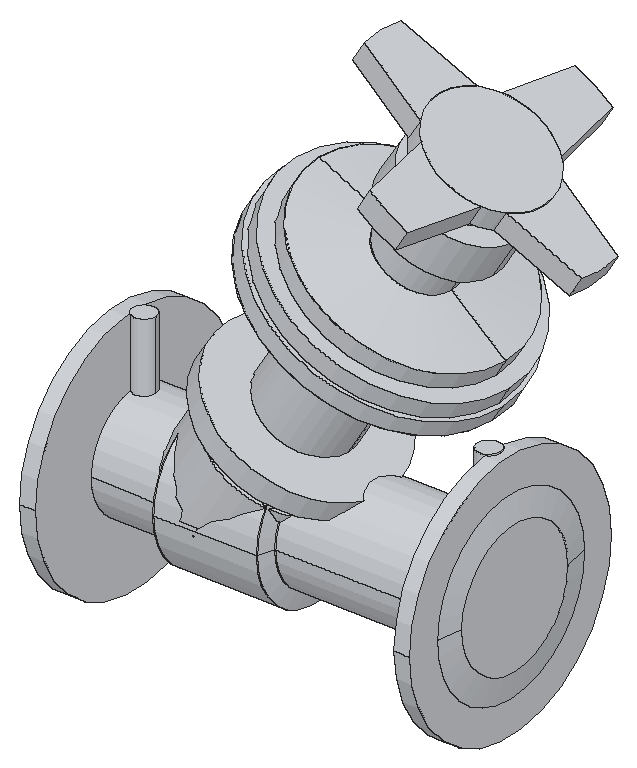
Revit family "224_DN100_20-70_RFA_2019", category Pipe Accessories, Revit 2019
Family settings
  Round Connector Dimension = Use Diameter
  Part Type = Valve - Breaks Into
  Work Plane-Based = No
  Always vertical = Yes
  Cut with Voids When Loaded = No
  Shared = No
Parameters (values of type "224_DN100_(20-70)")
  magiProductId = "5e4de33176c64976a9c157b39996ce"
  magiProductFamilyId = "cb96b53648234cefb8c956722b95ac"
  magiPartTypeId = 304
  isMeasuringValve [instance] = no
  ang2D [instance] = 0.00°
  Z8 = 24.389 mm
  Z7 = 8.13 mm
  Z6 = 101.622 mm
  Z4 = 40.649 mm
  Z3 = 16.26 mm
  Z2 = 20.324 mm
  Z1 = 60.973 mm
  Y9 = 112.022 mm
  Y8 = 43.927 mm
  X9 = 19.752 mm
  X8 = 30.758 mm
  X5 = 152.2 mm
  X4 = 91 mm
  X1 = 14 mm
  W2D = 100 mm
  VersionID = "2.0/2018.4.11.4/ZETKAMA_224_001"
  Use Minimum Symbol Size [instance] = yes
  URL = "www.hydronic.cz"
  Type Comments = "přírubový ventil, PN16; -10~+120°C; dpmin=1,5xdpnast;"
  R8 = 53.625 mm
  R7 = 35.75 mm
  R6 = 96.688 mm
  R5 = 110 mm
  R4 = 113.75 mm
  R3 = 52 mm
  R2 = 80.5 mm
  R12 = 42.75 mm
  R10 = 58 mm
  QmdConnectorList = "301;D;302;D"
  Productdata [instance] = ""
  Manufacturer = "Hydronic Systems Prague s.r.o."
  Maintenance Zone Under Depth [instance] = 405 mm
  Maintenance Zone Right Depth [instance] = 350 mm
  Maintenance Zone Over Depth [instance] = 405 mm
  Maintenance Zone Left Depth [instance] = 350 mm
  Maintenance Zone Front Depth [instance] = 273 mm
  Maintenance Zone Back Depth [instance] = 273 mm
  Maintenance Zone Front Visibility [instance] = no
  MC Product Code = "224 100 3 (DN100; dpnast 20-70kPa; dpmax=250kPa; kvs=110,0kPa)"
  MC Piping Given Pressure Drop [instance] = 0.0 Pa
  LT2 = 175 mm
  L3 = 62.8 mm
  L2D_Min = 3048 mm
  L2D = 350 mm
  H5 = 60 mm
  FDT2 = 110 mm
  Description = "Regulátor diferenčního tlaku přírubový"
  DT21 = 50 mm
  DT2 = 50 mm
  D6 = 81.25 mm
  D5 = 65 mm
  D = 100 mm
  Clearance Zone Height Depth [instance] = 405 mm
  Clearance Zone Circular Radius [instance] = 350 mm
  Clearance Zone Visibility [instance] = no
  CAT0 = yes
  ARC2 = 1.728 mm
  ARC1 = 9.698 mm
  ANG = 32.00°
  A2 = 32.458 mm
  A1 = 51.943 mm
Types (10, lengths in mm): name | magiProductId | Z8 | Z7 | Z6 | Z4 | Z3 | Z2 | Z1 | X5 | X4 | X1 | R5 | R3 | R2 | R10 | Maintenance Zone Under Depth | Maintenance Zone Right Depth | Maintenance Zone Over Depth | Maintenance Zone Left Depth | MC Product Code | LT2 | L3 | H5 | FDT2 | DT21 | DT2 | D6 | D5 | D | Clearance Zone Height Depth | Clearance Zone Circular Radius | A2 | A1
  224_DN100_(40-160) | "71f9e553003c40d991c5e352e67284" | 24.389 | 8.13 | 101.622 | 40.649 | 16.26 | 20.324 | 60.973 | 152.2 | 91 | 14 | 110 | 52 | 80.5 | 58 | 405 | 350 | 405 | 350 | "224 100 7 (DN100; dpnast 40-160kPa; dpmax=250kPa; kvs=110,0kPa)" | 175 | 62.8 | 60 | 110 | 50 | 50 | 81.25 | 65 | 100 | 405 | 350 | 32.458 | 51.943
  224_DN100_(20-70) | "5e4de33176c64976a9c157b39996ce" | 24.389 | 8.13 | 101.622 | 40.649 | 16.26 | 20.324 | 60.973 | 152.2 | 91 | 14 | 110 | 52 | 80.5 | 58 | 405 | 350 | 405 | 350 | "224 100 3 (DN100; dpnast 20-70kPa; dpmax=250kPa; kvs=110,0kPa)" | 175 | 62.8 | 60 | 110 | 50 | 50 | 81.25 | 65 | 100 | 405 | 350 | 32.458 | 51.943
  224_DN125_(40-160) | "9beb69b667494b6ab1f54942078ae6" | 25.804 | 8.601 | 107.518 | 43.007 | 17.203 | 21.504 | 64.511 | 166.25 | 113.75 | 16 | 125 | 65 | 95.5 | 71 | 425 | 400 | 425 | 400 | "224 125 7 (DN125; dpnast 40-160kPa; dpmax=250kPa; kvs=169,0kPa)" | 200 | 72 | 62.5 | 125 | 62.5 | 62.5 | 101.562 | 81.25 | 125 | 425 | 400 | 37.094 | 59.363
  224_DN125_(20-70) | "2c85edc695ca465cb63b6911085491" | 25.804 | 8.601 | 107.518 | 43.007 | 17.203 | 21.504 | 64.511 | 166.25 | 113.75 | 16 | 125 | 65 | 95.5 | 71 | 425 | 400 | 425 | 400 | "224 125 3 (DN125; dpnast 20-70kPa; dpmax=250kPa; kvs=169,0kPa)" | 200 | 72 | 62.5 | 125 | 62.5 | 62.5 | 101.562 | 81.25 | 125 | 425 | 400 | 37.094 | 59.363
  224_DN150_(40-160) | "96017eba5eec4de2abe05c4d8dc7d1" | 26.866 | 8.955 | 89.552 | 44.776 | 17.91 | 22.388 | 89.552 | 223.38 | 115.5 | 19.2 | 142.5 | 70.2 | 108.5 | 84 | 440 | 480 | 440 | 480 | "224 150 7 (DN150; dpnast 40-160kPa; dpmax=250kPa; kvs=200,0kPa)" | 240 | 86.72 | 67.5 | 142.5 | 67.5 | 75 | 90.75 | 82.5 | 150 | 440 | 480 | 44.513 | 71.236
  224_DN150_(20-70) | "2dcf3707ec5549d494f72875a03dce" | 26.866 | 8.955 | 89.552 | 44.776 | 17.91 | 22.388 | 89.552 | 223.38 | 115.5 | 19.2 | 142.5 | 70.2 | 108.5 | 84 | 440 | 480 | 440 | 480 | "224 150 3 (DN150; dpnast 20-70kPa; dpmax=250kPa; kvs=200,0kPa)" | 240 | 86.72 | 67.5 | 142.5 | 67.5 | 75 | 90.75 | 82.5 | 150 | 440 | 480 | 44.513 | 71.236
  224_DN065_(40-160) | "7a3227ed888c4b0d8669ae9eb0085d" | 22.974 | 7.658 | 95.726 | 38.29 | 15.316 | 19.145 | 57.436 | 139.89 | 59.15 | 11.6 | 92.5 | 33.8 | 63 | 40.5 | 385 | 290 | 385 | 290 | "224 065 7 (DN65; dpnast 40-160kPa; dpmax=300kPa; kvs=48,4kPa)" | 145 | 51.76 | 60 | 92.5 | 32.5 | 32.5 | 52.812 | 42.25 | 65 | 385 | 290 | 26.893 | 43.038
  224_DN065_(20-70) | "bd269db4002540fe9b2a41f205afd7" | 22.974 | 7.658 | 95.726 | 38.29 | 15.316 | 19.145 | 57.436 | 139.89 | 59.15 | 11.6 | 92.5 | 33.8 | 63 | 40.5 | 385 | 290 | 385 | 290 | "224 065 3 (DN65; dpnast 20-70kPa; dpmax=300kPa; kvs=48,4kPa)" | 145 | 51.76 | 60 | 92.5 | 32.5 | 32.5 | 52.812 | 42.25 | 65 | 385 | 290 | 26.893 | 43.038
  224_DN080_(40-160) | "20b45c03d3cb49e9a44f946d5e2c2d" | 23.328 | 7.776 | 97.2 | 38.88 | 15.552 | 19.44 | 58.32 | 140.96 | 72.8 | 12.4 | 100 | 41.6 | 70.5 | 48 | 390 | 310 | 390 | 310 | "224 080 7 (DN80; dpnast 40-160kPa; dpmax=300kPa; kvs=74,5kPa)" | 155 | 55.44 | 60 | 100 | 40 | 40 | 65 | 52 | 80 | 390 | 310 | 28.748 | 46.007
  224_DN080_(20-70) | "2f63645f7c5342ecbadd0051fa47f2" | 23.328 | 7.776 | 97.2 | 38.88 | 15.552 | 19.44 | 58.32 | 140.96 | 72.8 | 12.4 | 100 | 41.6 | 70.5 | 48 | 390 | 310 | 390 | 310 | "224 080 3 (DN80; dpnast 20-70kPa; dpmax=300kPa; kvs=74,5kPa)" | 155 | 55.44 | 60 | 100 | 40 | 40 | 65 | 52 | 80 | 390 | 310 | 28.748 | 46.007
Reference planes
  plane 1 "Center (Front/Back)": y = 0
  plane 2 "XYPLANE": z = 0
  plane 3 "Center (Left/Right)": x = 0
  plane 4 "274": z = -405
  plane 5 "273": z = 405
  plane 6 "272": x = -350
  plane 7 "271": x = 350
  plane 8 "270": y = 273
  plane 9 "269": y = -273
  plane 10 "202": x = 152
  plane 11 "201": z = 50
  plane 12 "199": x = -150
  plane 13 "196": x = 4.8
  plane 14 "195": x = 0.8
  plane 15 "186": x = -90.2
  plane 16 "185": x = -94.2
  plane 17 "157": through (-523.992, 0, 576.747) normal (0.5299, 0, 0.848)
  plane 18 "123": y = -19.752
  plane 19 "122": y = -30.758
  plane 20 "120": y = 19.752
  plane 21 "119": y = 30.758
  plane 22 "118": through (258.389, 0, 722.924) normal (0.848, 0, -0.5299)
  plane 23 "117": through (390.642, 0, 640.284) normal (0.848, 0, -0.5299)
  plane 24 "116": through (448.389, 0, 604.199) normal (0.848, 0, -0.5299)
  plane 25 "115": through (316.137, 0, 686.839) normal (0.848, 0, -0.5299)
  plane 26 "113": y = -43.927
  plane 27 "112": y = -112.022
  plane 28 "110": through (379.474, 0, 647.262) normal (0.848, 0, -0.5299)
  plane 29 "108": through (336.638, 0, 674.029) normal (0.848, 0, -0.5299)
  plane 30 "107": through (327.305, 0, 679.861) normal (0.848, 0, -0.5299)
  plane 31 "106": through (370.14, 0, 653.094) normal (0.848, 0, -0.5299)
  plane 32 "105": y = 112.022
  plane 33 "104": y = 43.927
  plane 34 "99": through (-448.6, 0, 697.399) normal (0.5299, 0, 0.848)
  plane 35 "96": through (-459.371, 0, 680.163) normal (0.5299, 0, 0.848)
  plane 36 "91": through (-480.911, 0, 645.691) normal (0.5299, 0, 0.848)
  plane 37 "87": through (-502.452, 0, 611.219) normal (0.5299, 0, 0.848)
  plane 38 "84": through (-506.76, 0, 604.325) normal (0.5299, 0, 0.848)
  plane 39 "82": through (-515.376, 0, 590.536) normal (0.5299, 0, 0.848)
  plane 40 "75": through (-532.609, 0, 562.958) normal (0.5299, 0, 0.848)
  plane 41 "74": through (-545.533, 0, 542.275) normal (0.5299, 0, 0.848)
  plane 42 "41": through (-599.384, 0, 456.094) normal (0.5299, 0, 0.848)
  plane 43 "37": through (-610.155, 0, 438.858) normal (0.5299, 0, 0.848)
  plane 44 "34": through (-620.925, 0, 421.622) normal (0.5299, 0, 0.848)
  plane 45 "30": through (-653.236, 0, 369.914) normal (0.5299, 0, 0.848)
  plane 46 "28": y = 0
  plane 47 "27": through (353.389, 0, 663.562) normal (0.848, 0, -0.5299)
  plane 48 "24": x = 171
  plane 49 "23": x = 157
  plane 50 "15": x = -157
  plane 51 "11": x = -171
  plane 52 "6": x = 175
  plane 53 "5": x = -175
  plane 54 "3": z = 0
  plane 55 "2": y = 0
  plane 56 "1": x = 0
  plane 57 "25XY": through (-636.036, 0, 397.439) normal (0.5299, 0, 0.848)
  plane 58 "25XZ": y = 0
  plane 59 "25YZ": through (397.439, 0, 636.036) normal (0.848, 0, -0.5299)
Forms (mm)
  Blend 1, solid, visible <- "CAT0"
    base sketch origin (-545.533, 0, 542.275) x (0.848048, 0, -0.529919) y (0, 1, 0)
      loop
        circle (698.057, 0) r 42.75
    top sketch origin (-545.533, 0, 542.275) x (0.848048, 0, -0.529919) y (0, 1, 0)
      loop
        circle (698.057, 0) r 113.75
    from 0 to 24.389
  Blend 2, solid, visible <- "Maintenance Zone Front Visibility"
    base sketch origin (-750, 0, 405) x (1, 0, 0) y (0, 1, 0)
      loop
        line (400, 273) -> (400, -273) -> (1100, -273) -> (1100, 273) -> (400, 273)
    top sketch origin (-750, 0, 405) x (1, 0, 0) y (0, 1, 0)
      loop
        line (400, 273) -> (400, -273) -> (1100, -273) -> (1100, 273) -> (400, 273)
    from 0 to -810
  Extrusion 3, solid, visible <- "Clearance Zone Visibility"
    sketch origin (-750, 0, 0) x (1, 0, 0) y (0, 1, 0)
      loop
        circle (750, 0) r 350
    from 0 to 405 <- "Clearance Zone Height Depth"
  Extrusion 4, solid, visible <- "CAT0"
    sketch origin (-599.384, 0, 456.094) x (0.848048, 0, -0.529919) y (0, 1, 0)
      loop
        circle (698.057, 0) r 42.75
    from 0 to 101.622 <- "Z6"
  Extrusion 5, solid
    sketch origin (-750, 0, 50) x (1, 0, 0) y (0, 1, 0)
      loop
        circle (902, 0) r 10
    from 0 to 60 <- "H5"
  Extrusion 6, solid
    sketch origin (-750, 0, 50) x (1, 0, 0) y (0, 1, 0)
      loop
        circle (600, 0) r 10
    from 0 to 60 <- "H5"
  Extrusion 7, solid
    sketch origin (4.8, -750, 0) x (0, 1, 0) y (0, 0, 1)
      loop
        circle (750, 0) r 50
    from 0 to 152.2 <- "X5"
  Blend 8, solid
    base sketch origin (4.8, -750, 0) x (0, 1, 0) y (0, 0, 1)
      loop
        circle (750, 0) r 50
    top sketch origin (4.8, -750, 0) x (0, 1, 0) y (0, 0, 1)
      loop
        circle (750, 0) r 65
    from 0 to -4
  Extrusion 9, solid
    sketch origin (-90.2, -750, 0) x (0, 1, 0) y (0, 0, 1)
      loop
        circle (750, 0) r 65
    from 0 to 91 <- "X4"
  Blend 10, solid
    base sketch origin (-94.2, -750, 0) x (0, 1, 0) y (0, 0, 1)
      loop
        circle (750, 0) r 50
    top sketch origin (-94.2, -750, 0) x (0, 1, 0) y (0, 0, 1)
      loop
        circle (750, 0) r 65
    from 0 to 4
  Extrusion 11, solid
    sketch origin (-653.236, 0, 369.914) x (0.848048, 0, -0.529919) y (0, 1, 0)
      loop
        circle (698.057, 0) r 65
    from 0 to 60.973 <- "Z1"
  Extrusion 12, solid
    sketch origin (-532.609, 0, 562.958) x (0.848048, 0, -0.529919) y (0, 1, 0)
      loop
        circle (698.057, 0) r 113.75
    from 0 to 16.26 <- "Z3"
  Extrusion 13, solid
    sketch origin (-448.6, 0, 697.399) x (0.848048, 0, -0.529919) y (0, 1, 0)
      loop
        line (741.984, -30.758) -> (810.079, -19.752)
        arc (810.079, -19.752) -> (811.807, 0) -> (810.079, 19.752) r 113.75
        line (810.079, 19.752) -> (741.984, 30.758)
        arc (741.984, 30.758) -> (751.682, 0) -> (741.984, -30.758) r 53.625
    from 0 to 20.324 <- "Z2"
  Extrusion 14, solid
    sketch origin (-448.6, 0, 697.399) x (0.848048, 0, -0.529919) y (0, 1, 0)
      loop
        line (654.13, 30.758) -> (586.035, 19.752)
        arc (586.035, 19.752) -> (584.307, 0) -> (586.035, -19.752) r 113.75
        line (586.035, -19.752) -> (654.13, -30.758)
        arc (654.13, -30.758) -> (644.432, 0) -> (654.13, 30.758) r 53.625
    from 0 to 20.324 <- "Z2"
  Extrusion 15, solid
    sketch origin (-448.6, 0, 697.399) x (0.848048, 0, -0.529919) y (0, 1, 0)
      loop
        line (667.299, -43.927) -> (678.305, -112.022)
        arc (678.305, -112.022) -> (698.057, -113.75) -> (717.81, -112.022) r 113.75
        line (717.81, -112.022) -> (728.815, -43.927)
        arc (728.815, -43.927) -> (698.057, -53.625) -> (667.299, -43.927) r 53.625
    from 0 to 20.324 <- "Z2"
  Extrusion 16, solid
    sketch origin (-448.6, 0, 697.399) x (0.848048, 0, -0.529919) y (0, 1, 0)
      loop
        line (728.815, 43.927) -> (717.81, 112.022)
        arc (717.81, 112.022) -> (698.057, 113.75) -> (678.305, 112.022) r 113.75
        line (678.305, 112.022) -> (667.299, 43.927)
        arc (667.299, 43.927) -> (698.057, 53.625) -> (728.815, 43.927) r 53.625
    from 0 to 20.324 <- "Z2"
  Extrusion 17, solid
    sketch origin (-448.6, 0, 697.399) x (0.848048, 0, -0.529919) y (0, 1, 0)
      loop
        circle (698.057, 0) r 53.625
    from 0 to 20.324 <- "Z2"
  Extrusion 18, solid
    sketch origin (-459.371, 0, 680.163) x (0.848048, 0, -0.529919) y (0, 1, 0)
      loop
        circle (698.057, 0) r 35.75
    from 0 to 20.324 <- "Z2"
  Extrusion 19, solid
    sketch origin (-480.911, 0, 645.691) x (0.848048, 0, -0.529919) y (0, 1, 0)
      loop
        circle (698.057, 0) r 53.625
    from 0 to 40.649 <- "Z4"
  Extrusion 20, solid
    sketch origin (-502.452, 0, 611.219) x (0.848048, 0, -0.529919) y (0, 1, 0)
      loop
        circle (698.057, 0) r 35.75
    from 0 to 40.649 <- "Z4"
  Blend 21, solid
    base sketch origin (-506.76, 0, 604.325) x (0.848048, 0, -0.529919) y (0, 1, 0)
      loop
        circle (698.057, 0) r 96.688
    top sketch origin (-506.76, 0, 604.325) x (0.848048, 0, -0.529919) y (0, 1, 0)
      loop
        circle (698.057, 0) r 35.75
    from 0 to 8.13
  Extrusion 22, solid
    sketch origin (-515.376, 0, 590.536) x (0.848048, 0, -0.529919) y (0, 1, 0)
      loop
        circle (698.057, 0) r 96.688
    from 0 to 16.26 <- "Z3"
  Extrusion 23, solid
    sketch origin (-523.992, 0, 576.747) x (0.848048, 0, -0.529919) y (0, 1, 0)
      loop
        circle (698.057, 0) r 110
    from 0 to 16.26 <- "Z3"
  Extrusion 24, solid
    sketch origin (-610.155, 0, 438.858) x (0.848048, 0, -0.529919) y (0, 1, 0)
      loop
        circle (698.057, 0) r 81.25
    from 0 to 20.324 <- "Z2"
  Extrusion 25, solid
    sketch origin (-620.925, 0, 421.622) x (0.848048, 0, -0.529919) y (0, 1, 0)
      loop
        circle (698.057, 0) r 52
    from 0 to 20.324 <- "Z2"
  Blend 26, solid
    base sketch origin (171, -750, 0) x (0, 1, 0) y (0, 0, 1)
      loop
        circle (750, 0) r 80.5
    top sketch origin (171, -750, 0) x (0, 1, 0) y (0, 0, 1)
      loop
        circle (750, 0) r 58
    from 0 to 4
  Extrusion 27, solid
    sketch origin (157, -750, 0) x (0, 1, 0) y (0, 0, 1)
      loop
        circle (750, 0) r 110
    from 0 to 14 <- "X1"
  Extrusion 28, solid
    sketch origin (-157, -750, 0) x (0, 1, 0) y (0, 0, 1)
      loop
        circle (750, 0) r 50
    from 0 to 62.8 <- "L3"
  Extrusion 29, solid
    sketch origin (-171, -750, 0) x (0, 1, 0) y (0, 0, 1)
      loop
        circle (750, 0) r 110
    from 0 to 14 <- "X1"
  Blend 30, solid
    base sketch origin (-175, -750, 0) x (0, 1, 0) y (0, 0, 1)
      loop
        circle (750, 0) r 58
    top sketch origin (-175, -750, 0) x (0, 1, 0) y (0, 0, 1)
      loop
        circle (750, 0) r 80.5
    from 0 to 4
  Extrusion 31, solid, not visible
    sketch origin (175, -750, 0) x (0, 1, 0) y (0, 0, 1)
      loop
        circle (750, 0) r 10
    from 0 to -10
  Extrusion 32, solid, not visible
    sketch origin (-175, -750, 0) x (0, 1, 0) y (0, 0, 1)
      loop
        circle (750, 0) r 10
    from 0 to 10
Lines and regions (mm)
  reference lines, not visible
    curve 1: circle (2, 2, 0) r 1 normal (0, 0, 1)
  reference lines
    curve 2: line (180.638, -30.758, 304.208) -> (180.638, 30.758, 304.208)
    curve 3: line (238.386, 19.752, 268.123) -> (238.386, -19.752, 268.123)
    curve 4: line (106.133, 30.758, 350.763) -> (106.133, -30.758, 350.763)
    curve 5: line (48.386, -19.752, 386.848) -> (48.386, 19.752, 386.848)
    curve 6: line (117.301, -43.927, 343.785) -> (169.47, -43.927, 311.186)
    curve 7: line (160.137, -112.022, 317.018) -> (126.635, -112.022, 337.953)
    curve 8: line (169.47, 43.927, 311.186) -> (117.301, 43.927, 343.785)
    curve 9: line (126.635, 112.022, 337.953) -> (160.137, 112.022, 317.018)
Dimensions and locks
  plane 1 "Center (Front/Back)" to curve 1 = 2 mm
  "Maintenance Zone Under Depth": plane 2 "XYPLANE" to plane 4 "274"
  "Maintenance Zone Over Depth": plane 2 "XYPLANE" to plane 5 "273"
  "Maintenance Zone Left Depth": plane 3 "Center (Left/Right)" to plane 6 "272"
  "Maintenance Zone Right Depth": plane 3 "Center (Left/Right)" to plane 7 "271"
  "Maintenance Zone Back Depth": plane 1 "Center (Front/Back)" to plane 8 "270"
  "Maintenance Zone Front Depth": plane 1 "Center (Front/Back)" to plane 9 "269"
  locked: plane 49 "23" to plane 10 "202" at 5
  "DT2": plane 2 "XYPLANE" to plane 11 "201"
  locked: plane 50 "15" to plane 12 "199" at 7
  locked: plane 14 "195" to plane 13 "196" at 4
  "X4": plane 15 "186" to plane 14 "195"
  locked: plane 16 "185" to plane 15 "186" at 4
  "L3": plane 50 "15" to plane 16 "185"
  "Z3": plane 40 "75" to plane 17 "157"
  "X9": plane 55 "2" to plane 18 "123"
  "X8": plane 55 "2" to plane 19 "122"
  "X9": plane 55 "2" to plane 20 "120"
  "X8": plane 55 "2" to plane 21 "119"
  "Y9": plane 47 "27" to plane 22 "118"
  "Y8": plane 47 "27" to plane 23 "117"
  "Y9": plane 47 "27" to plane 24 "116"
  "Y8": plane 47 "27" to plane 25 "115"
  "Y8": plane 55 "2" to plane 26 "113"
  "Y9": plane 55 "2" to plane 27 "112"
  "X8": plane 47 "27" to plane 28 "110"
  "X9": plane 47 "27" to plane 29 "108"
  "X8": plane 47 "27" to plane 30 "107"
  "X9": plane 47 "27" to plane 31 "106"
  "Y9": plane 55 "2" to plane 32 "105"
  "Y8": plane 55 "2" to plane 33 "104"
  "Z2": plane 35 "96" to plane 34 "99"
  "Z4": plane 36 "91" to plane 35 "96"
  "Z4": plane 37 "87" to plane 36 "91"
  "Z7": plane 38 "84" to plane 37 "87"
  "Z3": plane 39 "82" to plane 38 "84"
  "Z3": plane 17 "157" to plane 39 "82"
  "Z8": plane 41 "74" to plane 40 "75"
  "Z6": plane 42 "41" to plane 41 "74"
  "Z2": plane 43 "37" to plane 42 "41"
  "Z2": plane 44 "34" to plane 43 "37"
  "Z1": plane 45 "30" to plane 44 "34"
  "A2": plane 57 "25XY" to plane 45 "30"
  locked: plane 55 "2" to plane 46 "28"
  "A1": plane 59 "25YZ" to plane 47 "27"
  "X1": plane 49 "23" to plane 48 "24"
  "X5": plane 13 "196" to plane 49 "23"
  "X1": plane 51 "11" to plane 50 "15"
  locked: plane 53 "5" to plane 51 "11" at 4
  "LT2": plane 3 "Center (Left/Right)" to plane 52 "6"
  "LT2": plane 3 "Center (Left/Right)" to plane 53 "5"
  locked: plane 2 "XYPLANE" to plane 54 "3"
  locked: plane 1 "Center (Front/Back)" to plane 55 "2"
  locked: plane 3 "Center (Left/Right)" to plane 56 "1"
  Blend 2 sketch curve to Blend 2 sketch curve = 0 mm  (x16)
  "ARC1": curve 2 to Extrusion 13 sketch curve
  "ARC2": curve 3 to Extrusion 13 sketch curve
  Extrusion 13 sketch curve to Extrusion 13 sketch curve = 0 mm  (x8)
  "ARC1": curve 4 to Extrusion 14 sketch curve
  "ARC2": curve 5 to Extrusion 14 sketch curve
  Extrusion 14 sketch curve to Extrusion 14 sketch curve = 0 mm  (x8)
  "ARC1": curve 6 to Extrusion 15 sketch curve
  "ARC2": curve 7 to Extrusion 15 sketch curve
  Extrusion 15 sketch curve to Extrusion 15 sketch curve = 0 mm  (x8)
  "ARC1": curve 8 to Extrusion 16 sketch curve
  "ARC2": curve 9 to Extrusion 16 sketch curve
  Extrusion 16 sketch curve to Extrusion 16 sketch curve = 0 mm  (x8)
  "R4": radius of Blend 1 sketch curve
  "R12": radius of Blend 1 sketch curve
  "Clearance Zone Circular Radius": radius of Extrusion 3 sketch curve
  "R12": radius of Extrusion 4 sketch curve
  "DT21": radius of Extrusion 7 sketch curve
  "D5": radius of Blend 8 sketch curve
  "DT21": radius of Blend 8 sketch curve
  "D5": radius of Extrusion 9 sketch curve
  "D5": radius of Blend 10 sketch curve
  "DT21": radius of Blend 10 sketch curve
  "D5": radius of Extrusion 11 sketch curve
  "R4": radius of Extrusion 12 sketch curve
  "R8": radius of Extrusion 17 sketch curve
  "R7": radius of Extrusion 18 sketch curve
  "R8": radius of Extrusion 19 sketch curve
  "R7": radius of Extrusion 20 sketch curve
  "R7": radius of Blend 21 sketch curve
  "R6": radius of Blend 21 sketch curve
  "R6": radius of Extrusion 22 sketch curve
  "R5": radius of Extrusion 23 sketch curve
  "D6": radius of Extrusion 24 sketch curve
  "R3": radius of Extrusion 25 sketch curve
  "R10": radius of Blend 26 sketch curve
  "R2": radius of Blend 26 sketch curve
  "FDT2": radius of Extrusion 27 sketch curve
  "DT21": radius of Extrusion 28 sketch curve
  "FDT2": radius of Extrusion 29 sketch curve
  "R2": radius of Blend 30 sketch curve
  "R10": radius of Blend 30 sketch curve
  aligned and locked: level to plane 2 "XYPLANE"
  aligned and locked: plane 46 "28" to Blend 1 sketch curve  (x2)
  aligned and locked: Blend 1 sketch curve to plane 47 "27"  (x2)
  aligned and locked: plane 40 "75" to Blend 1
  aligned and locked: Blend 2 sketch curve to plane 6 "272"  (x2)
  aligned and locked: plane 8 "270" to Blend 2 sketch curve  (x4)
  aligned and locked: plane 9 "269" to Blend 2 sketch curve  (x4)
  aligned and locked: plane 6 "272" to Blend 2 sketch curve  (x2)
  aligned and locked: plane 7 "271" to Blend 2 sketch curve  (x4)
  aligned and locked: Blend 2 to plane 4 "274"
  aligned and locked: plane 55 "2" to Extrusion 3 sketch curve
  aligned and locked: plane 56 "1" to Extrusion 3 sketch curve
  aligned and locked: plane 46 "28" to Extrusion 4 sketch curve
  aligned and locked: Extrusion 4 sketch curve to plane 47 "27"
  aligned and locked: plane 10 "202" to Extrusion 5 sketch curve
  aligned and locked: plane 55 "2" to Extrusion 5 sketch curve
  aligned and locked: plane 12 "199" to Extrusion 6 sketch curve
  aligned and locked: plane 55 "2" to Extrusion 6 sketch curve
  aligned and locked: plane 54 "3" to Extrusion 7 sketch curve
  aligned and locked: Extrusion 7 sketch curve to plane 55 "2"
  aligned and locked: plane 54 "3" to Blend 8 sketch curve  (x2)
  aligned and locked: Blend 8 sketch curve to plane 55 "2"  (x2)
  aligned and locked: Blend 8 to plane 14 "195"
  aligned and locked: plane 54 "3" to Extrusion 9 sketch curve
  aligned and locked: Extrusion 9 sketch curve to plane 55 "2"
  aligned and locked: plane 54 "3" to Blend 10 sketch curve  (x2)
  aligned and locked: Blend 10 sketch curve to plane 55 "2"  (x2)
  aligned and locked: plane 15 "186" to Blend 10
  aligned and locked: plane 46 "28" to Extrusion 11 sketch curve
  aligned and locked: Extrusion 11 sketch curve to plane 47 "27"
  aligned and locked: plane 46 "28" to Extrusion 12 sketch curve
  aligned and locked: Extrusion 12 sketch curve to plane 47 "27"
  aligned and locked: curve 2 to plane 23 "117"
  aligned and locked: plane 19 "122" to curve 2
  aligned and locked: plane 21 "119" to curve 2
  aligned and locked: plane 21 "119" to Extrusion 13 sketch curve
  aligned and locked: plane 23 "117" to Extrusion 13 sketch curve
  aligned and locked: plane 20 "120" to Extrusion 13 sketch curve
  aligned and locked: plane 24 "116" to Extrusion 13 sketch curve
  aligned and locked: curve 3 to plane 24 "116"
  aligned and locked: plane 20 "120" to curve 3
  aligned and locked: plane 18 "123" to curve 3
  aligned and locked: plane 18 "123" to Extrusion 13 sketch curve
  aligned and locked: Extrusion 13 sketch curve to plane 24 "116"
  aligned and locked: plane 19 "122" to Extrusion 13 sketch curve
  aligned and locked: Extrusion 13 sketch curve to plane 23 "117"
  aligned and locked: curve 4 to plane 25 "115"
  aligned and locked: plane 21 "119" to curve 4
  aligned and locked: plane 19 "122" to curve 4
  aligned and locked: plane 19 "122" to Extrusion 14 sketch curve
  aligned and locked: Extrusion 14 sketch curve to plane 25 "115"
  aligned and locked: plane 18 "123" to Extrusion 14 sketch curve
  aligned and locked: Extrusion 14 sketch curve to plane 22 "118"
  aligned and locked: curve 5 to plane 22 "118"
  aligned and locked: plane 18 "123" to curve 5
  aligned and locked: plane 20 "120" to curve 5
  aligned and locked: plane 20 "120" to Extrusion 14 sketch curve
  aligned and locked: plane 22 "118" to Extrusion 14 sketch curve
  aligned and locked: plane 21 "119" to Extrusion 14 sketch curve
  aligned and locked: plane 25 "115" to Extrusion 14 sketch curve
  aligned and locked: curve 6 to plane 26 "113"
  aligned and locked: curve 6 to plane 30 "107"
  aligned and locked: curve 6 to plane 28 "110"
  aligned and locked: plane 26 "113" to Extrusion 15 sketch curve  (x2)
  aligned and locked: Extrusion 15 sketch curve to plane 28 "110"
  aligned and locked: plane 27 "112" to Extrusion 15 sketch curve  (x2)
  aligned and locked: Extrusion 15 sketch curve to plane 31 "106"
  aligned and locked: plane 27 "112" to curve 7
  aligned and locked: curve 7 to plane 31 "106"
  aligned and locked: curve 7 to plane 29 "108"
  aligned and locked: Extrusion 15 sketch curve to plane 29 "108"
  aligned and locked: Extrusion 15 sketch curve to plane 30 "107"
  aligned and locked: plane 33 "104" to curve 8
  aligned and locked: plane 28 "110" to curve 8
  aligned and locked: plane 30 "107" to curve 8
  aligned and locked: plane 30 "107" to Extrusion 16 sketch curve
  aligned and locked: plane 33 "104" to Extrusion 16 sketch curve  (x2)
  aligned and locked: plane 29 "108" to Extrusion 16 sketch curve
  aligned and locked: plane 32 "105" to Extrusion 16 sketch curve  (x2)
  aligned and locked: curve 9 to plane 32 "105"
  aligned and locked: plane 29 "108" to curve 9
  aligned and locked: plane 31 "106" to curve 9
  aligned and locked: plane 31 "106" to Extrusion 16 sketch curve
  aligned and locked: plane 28 "110" to Extrusion 16 sketch curve
  aligned and locked: plane 46 "28" to Extrusion 17 sketch curve
  aligned and locked: Extrusion 17 sketch curve to plane 47 "27"
  aligned and locked: plane 46 "28" to Extrusion 18 sketch curve
  aligned and locked: Extrusion 18 sketch curve to plane 47 "27"
  aligned and locked: plane 46 "28" to Extrusion 19 sketch curve
  aligned and locked: Extrusion 19 sketch curve to plane 47 "27"
  aligned and locked: plane 46 "28" to Extrusion 20 sketch curve
  aligned and locked: Extrusion 20 sketch curve to plane 47 "27"
  aligned and locked: plane 46 "28" to Blend 21 sketch curve  (x2)
  aligned and locked: Blend 21 sketch curve to plane 47 "27"  (x2)
  aligned and locked: plane 37 "87" to Blend 21
  aligned and locked: plane 46 "28" to Extrusion 22 sketch curve
  aligned and locked: Extrusion 22 sketch curve to plane 47 "27"
  aligned and locked: plane 46 "28" to Extrusion 23 sketch curve
  aligned and locked: Extrusion 23 sketch curve to plane 47 "27"
  aligned and locked: plane 46 "28" to Extrusion 24 sketch curve
  aligned and locked: Extrusion 24 sketch curve to plane 47 "27"
  aligned and locked: plane 46 "28" to Extrusion 25 sketch curve
  aligned and locked: Extrusion 25 sketch curve to plane 47 "27"
  aligned and locked: plane 54 "3" to Blend 26 sketch curve  (x2)
  aligned and locked: Blend 26 sketch curve to plane 55 "2"  (x2)
  aligned and locked: plane 52 "6" to Blend 26
  aligned and locked: plane 54 "3" to Extrusion 27 sketch curve
  aligned and locked: Extrusion 27 sketch curve to plane 55 "2"
  aligned and locked: plane 54 "3" to Extrusion 28 sketch curve
  aligned and locked: Extrusion 28 sketch curve to plane 55 "2"
  aligned and locked: plane 54 "3" to Extrusion 29 sketch curve
  aligned and locked: Extrusion 29 sketch curve to plane 55 "2"
  aligned and locked: plane 54 "3" to Blend 30 sketch curve  (x2)
  aligned and locked: Blend 30 sketch curve to plane 55 "2"  (x2)
  aligned and locked: plane 51 "11" to Blend 30
  aligned and locked: plane 54 "3" to Extrusion 31 sketch curve
  aligned and locked: Extrusion 31 sketch curve to plane 55 "2"
  aligned and locked: plane 54 "3" to Extrusion 32 sketch curve
  aligned and locked: Extrusion 32 sketch curve to plane 55 "2"
Automatic sketch dimensions
  Extrusion 5 sketch curve to Extrusion 5 sketch curve = 10 mm
  Extrusion 6 sketch curve to plane 50 "15" = 3 mm
  plane 18 "123" to Extrusion 31 sketch curve = 9.752 mm
  plane 18 "123" to Extrusion 32 sketch curve = 9.752 mm
  plane 14 "195" to curve 1 = 1.2 mm
  radius of curve 1 = 1 mm
Connectors
  piping at (-175, 0, 0), diameter 100, driven by "D"
    settings: on Extrusion 32, index 1, connector inside diameter 609.6 mm, connector length 0 mm, flow factor 0, pipe flow 0.0 L/s, pressure drop 0.0 Pa, fitting loss kfactor 0, connector angle 0.00°, fixture units 0, engagement length 0 mm, angle of deflection 0.00°, flow configuration 0, flow direction 0, fitting loss method 0, system type 29, joint type 0, gender type 0, connector reference index 2, connector utility 0, adjustable connector no, is connector primary yes, connector description ""
  piping at (175, 0, 0), diameter 100, driven by "D"
    settings: on Extrusion 31, index 2, connector inside diameter 609.6 mm, connector length 0 mm, flow factor 0, pipe flow 0.0 L/s, pressure drop 0.0 Pa, fitting loss kfactor 0, connector angle 0.00°, fixture units 0, engagement length 0 mm, angle of deflection 0.00°, flow configuration 0, flow direction 0, fitting loss method 0, system type 29, joint type 0, gender type 0, connector reference index 1, connector utility 0, adjustable connector no, is connector primary no, connector description ""
